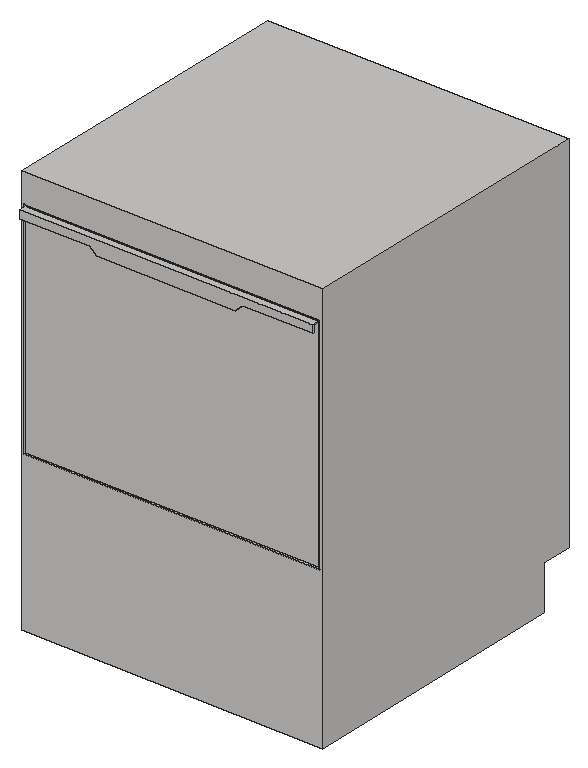
Revit family "QF_ELECTROLUXPROFESSIONAL_400210_ELA1WP", category Specialty Equipment, Revit 2018
Family settings
  Round Connector Dimension = Use Diameter
  Part Type = Normal
  Work Plane-Based = No
  Always vertical = Yes
  Cut with Voids When Loaded = No
  Shared = No
  Room Calculation Point = No
Parameters
  Weight = 54.00 kg
  Watts = 0 W
  Volts = 0 V
  URL Manufacturer = ""
  URL = "http://professional.electrolux.com/"
  Steam Supply Size = 0 mm
  Steam Supply Minimum Pressure = 0.0 Pa
  Steam Supply Maximum Pressure = 0.0 Pa
  Steam Pounds per Hour = 0
  Show Logo [instance] = yes
  Show Clearance [instance] = yes
  Refrigeration Suction Line Size = 0 mm
  Refrigeration Liquid Line Size = 0 mm
  Refrigerant Compressor Remote = yes
  Manufacturer = ""
  Phase = 0
  Model = ""
  Length Actual = 600 mm  # constant formula
  Item Number = ""
  Hot Water Size = 0 mm
  Height Actual = 820 mm  # constant formula
  HP = "4.9 HP"
  Gas Size = 0 mm
  Gas KW = 0
  Gas Input Pressure = 0 W
  Direct Waste Size = 20.5 mm
  Description = ""
  Depth Actual = 648 mm  # constant formula
  Cycle = 0 Hz
  Condensate Return Size = 0 mm
  Compressed Air Volume = 0.0 L/s
  Compressed Air Size = 0 mm
  Compressed Air Pressure = 0.0 Pa
  Cold Water Size = 0 mm
  Accessory = yes
Types (2, lengths in mm): name | Volts | URL Manufacturer | URL | Manufacturer | Phase | Model | Item Number | Hot Water Size | Description | Cycle
  (no name) | 0 V | "" | "http://professional.electrolux.com/" | "" | 0 | "" | "" | 0 | "" | 0 Hz
  Standard | 230 V | "http://professional.electrolux.com" | "http://professional.electrolux.com" | "Electrolux Professional" | 1 | "ELA1WP" | "400210" | 19.05 | "UNDERCOUNTER(L), WASH-SAFE, 1PH, WS, DP, 540D/H" | 50 Hz
Reference planes
  plane 1 "Center (Front/Back)": y = 0
  plane 2: z = 0
  plane 3 "Center (Left/Right)": x = 0
  plane 4 "LEFT": x = -300
  plane 5 "RIGHT": x = 300
  plane 6 "FRONT": y = -306
  plane 7 "BACK": y = 306
  plane 8: x = -202.5
  plane 9: x = 202.5
  plane 10: z = 830
  plane 11: z = 10
Forms (mm)
  Extrusion 1, solid, material "QF_Finishes_Stainless Steel"
    sketch origin (0, 0, 0) x (1, 0, 0) y (0, 1, 0)
      loop
        line (-300, -306) -> (300, -306) -> (300, 245) -> (-300, 245) -> (-300, -306)
    from 10 to 830
  Extrusion 2, solid, material "QF_Finishes_Stainless Steel"
    sketch origin (0, 0, 0) x (1, 0, 0) y (0, 1, 0)
      loop
        line (-300, 245) -> (300, 245) -> (300, 306) -> (-300, 306) -> (-300, 245)
    from 100 to 830
  Extrusion 3, solid, material "QF_Finishes_Stainless Steel"
    sketch origin (0, 17.5, 0) x (1, 0, 0) y (0, 1, 0)
      loop
        circle (-254, 167.5) r 12.5
      loop
        circle (254, 167.5) r 12.5
      loop
        circle (-254, -263.5) r 12.5
      loop
        circle (254, -263.5) r 12.5
    from 0 to 10
  Extrusion 4, void
    sketch origin (-300, -306, 0) x (-1, 0, 0) y (0, 0, 1)
      loop
        line (-5, 773.217) -> (-595, 773.217) -> (-595, 327.335) -> (-5, 327.335) -> (-5, 773.217)
    from 0 to 30
  Extrusion 5, solid, material "QF_Finishes_Stainless Steel"
    sketch origin (-259, -389, 768) x (0, 0, -1) y (1, 0, 0)
      loop
        circle (693, 143) r 10
    from -634 to -695
  Extrusion 6, solid, material "QF_Door-Drawer Clearances", visible <- "Show Clearance", detail levels coarse
    sketch origin (-230, -282.5, 0) x (0, 1, 0) y (0, 0, -1)
      loop
        line (-23.5, -330.419) -> (-391.5, -330.419)
        arc (-391.5, -330.419) -> (-290.693, -619.855) -> (-23.5, -770) r 432.894
        line (-23.5, -770) -> (-23.5, -330.419)
    from 61.197 to -521.306
  Extrusion 7, solid, material "QF_Finishes_Stainless Steel"
    sketch origin (-315.481, -389, 738) x (0, 0, -1) y (1, 0, 0)
      loop
        circle (663, 252.481) r 8
    from -634 to -695
  Extrusion 8, solid, material "QF_Finishes_Stainless Steel"
    sketch origin (-230, -282.5, 0) x (0, 1, 0) y (0, 0, -1)
      loop
        line (-23.5, -330.419) -> (-23.5, -770) -> (1.5, -770) -> (1.5, -330.419) -> (-23.5, -330.419)
    from 61.197 to -521.306
  Extrusion 9, solid, material "QF_Finishes_Stainless Steel"
    sketch origin (-230, -297.5, 0) x (0, 1, 0) y (0, 0, -1)
      loop
        line (-8.5, -770) -> (-8.5, -767.514) -> (-21, -767.514) -> (-21, -741.25) -> (-23.5, -741.25) -> (-23.5, -770) -> (-8.5, -770)
    from 61.197 to -521.306
  Extrusion 10, void
    sketch origin (-230, -321, 770) x (0, 0, 1) y (1, 0, 0)
      loop
        line (-15.552, -61.197) -> (-15.552, 77.909) -> (-28.75, 91.107) -> (-28.75, -61.197) -> (-15.552, -61.197)
      loop
        line (-15.552, 521.197) -> (-28.75, 521.197) -> (-28.75, 368.893) -> (-15.552, 382.091) -> (-15.552, 521.197)
    from 0 to 2.5
  Extrusion 11, solid, material "QF_Finishes_Stainless Steel"
    sketch origin (-295.988, 885.897, 763.79) x (0, -1, 0) y (1, 0, 0)
      loop
        circle (611.5, 158) r 8
    from -663.79 to -673.79
Cuts and joins
  Extrusion 4 cuts Extrusion 1
  joined: Extrusion 1, Extrusion 2
  Extrusion 10 cuts Extrusion 8
  Extrusion 10 cuts Extrusion 9
Lines and regions (mm)
  Split face 1
    outline origin (-300, -306, 830) x (0, 0, -1) y (1, 0, 0)
      loop
        line (21.579, 283.75) -> (39.683, 283.75) -> (39.683, 316.25) -> (21.579, 316.25) -> (21.579, 283.75)
  Split face 2
    outline origin (-300, -306, 830) x (0, 0, -1) y (1, 0, 0)
      loop
        line (56.783, 595) -> (56.783, 600)
      loop
        arc (56.783, 412.5) -> (28.391, 440.891) -> (0, 412.5) r 28.391
  symbolic lines
    curve 1: line (-300, 306, 0) -> (300, 306, 0)
    curve 2: line (-300, -306, 0) -> (-300, 306, 0)
    curve 3: line (300, -306, 0) -> (-300, -306, 0)
    curve 4: line (300, 306, 0) -> (300, -306, 0)
    curve 9: line (-291.197, -306, 0) -> (-291.197, -321, 0)
    curve 10: line (291.306, -321, 0) -> (291.306, -306, 0)
    curve 11: line (-291.197, -321, 0) -> (291.306, -321, 0)
  symbolic lines, style "QF_Door-Drawer Clearances"
    curve 5: line (-291.197, -674, 0) -> (291.306, -674, 0)
    curve 6: line (291.306, -674, 0) -> (291.306, -306, 0)
    curve 7: line (-291.197, -674, 0) -> (-291.197, -306, 0)
  symbolic lines, style "SpecialityEquipmentHiddenLines"
    curve 8: line (-300, 245, 0) -> (300, 245, 0)
Dimensions and locks
  equal spacing: plane 4 "LEFT", plane 3 "Center (Left/Right)", plane 5 "RIGHT"
  equal spacing: plane 7 "BACK", plane 1 "Center (Front/Back)", plane 6 "FRONT"
  plane 7 "BACK" to plane 6 "FRONT" = 612 mm
  plane 4 "LEFT" to plane 5 "RIGHT" = 600 mm
  plane 4 "LEFT" to plane 8 = 97.5 mm
  plane 9 to plane 5 "RIGHT" = 97.5 mm
  plane 11 to level = 10 mm
  plane 4 "LEFT" to plane 3 "Center (Left/Right)" = 300 mm
  plane 10 to level = 830 mm  (x2)
  plane 8 to plane 9 = 405 mm
  Extrusion 11 sketch curve to plane 4 "LEFT" = 162.012 mm
  level to Extrusion 5 sketch curve = 75 mm
  Extrusion 5 sketch curve to plane 4 "LEFT" = 184 mm
  Extrusion 7 sketch curve to plane 4 "LEFT" = 237 mm
  level to Extrusion 7 sketch curve = 75 mm
  Extrusion 3 to cut or joined group of Extrusion 1, Extrusion 2, Extrusion 4 = 121 mm
  Extrusion 3 to Extrusion 3 = 431 mm
  plane 6 "FRONT" to Extrusion 3 = 60 mm
  plane 9 to plane 8 = 405 mm
  plane 7 "BACK" to curve 5 = 980 mm
  cut or joined group of Extrusion 1, Extrusion 2, Extrusion 4 to level = 327.335 mm
  aligned and locked: level to plane 2
  aligned and locked: Extrusion 1 sketch curve to plane 6 "FRONT"
  aligned and locked: Extrusion 1 sketch curve to plane 4 "LEFT"
  aligned and locked: plane 5 "RIGHT" to Extrusion 1 sketch curve
  aligned and locked: Extrusion 1 to plane 11
  aligned and locked: Extrusion 2 sketch curve to Extrusion 1
  aligned and locked: plane 5 "RIGHT" to Extrusion 2 sketch curve
  aligned and locked: plane 11 to Extrusion 3
  aligned and locked: cut or joined group of Extrusion 9, Extrusion 10 to Extrusion 10
Automatic sketch dimensions
  Extrusion 1 sketch curve to plane 7 "BACK" = 61 mm
  Extrusion 3 sketch curve to plane 8 = 51.5 mm  (x2)
  plane 9 to Extrusion 3 sketch curve = 51.5 mm  (x2)
  plane 6 "FRONT" to Extrusion 3 sketch curve = 60 mm  (x2)
  Extrusion 3 sketch curve to plane 7 "BACK" = 121 mm  (x2)
  Extrusion 4 sketch curve to Extrusion 1 = 5 mm  (x2)
  Extrusion 4 sketch curve to Extrusion 1 = 317.335 mm
  Extrusion 4 sketch curve to Extrusion 1 = 56.783 mm
  plane 6 "FRONT" to Extrusion 8 sketch curve = 0 mm
  Extrusion 8 sketch curve to Extrusion 8 sketch curve = 25 mm
  Extrusion 9 sketch curve to plane 6 "FRONT" = 15 mm
  Extrusion 9 sketch curve to Extrusion 9 sketch curve = 2.5 mm
  Extrusion 9 sketch curve to Extrusion 9 sketch curve = 12.5 mm
  Extrusion 9 sketch curve to plane 10 = 60 mm
  Extrusion 9 sketch curve to Extrusion 9 sketch curve = 2.486 mm
  Extrusion 9 sketch curve to Extrusion 9 sketch curve = 26.264 mm
  Extrusion 2 sketch curve to Extrusion 2 sketch curve = 61 mm
  Split face 1 sketch curve to cut or joined group of Extrusion 1, Extrusion 2, Extrusion 4 = 21.579 mm
  Split face 1 sketch curve to Split face 1 sketch curve = 18.104 mm
  Split face 1 sketch curve to cut or joined group of Extrusion 1, Extrusion 2, Extrusion 4 = 278.75 mm
  Split face 1 sketch curve to Split face 1 sketch curve = 32.5 mm
  plane 11 to Extrusion 8 sketch curve = 320.419 mm
  Extrusion 8 sketch curve to plane 10 = 60 mm
  Extrusion 10 sketch curve to Extrusion 9 = 0 mm  (x2)
  Extrusion 9 to Extrusion 10 sketch curve = 0 mm
  Extrusion 10 sketch curve to Extrusion 9 = 13.198 mm  (x2)
  Extrusion 10 sketch curve to Extrusion 9 = 139.107 mm
  Extrusion 10 sketch curve to Extrusion 10 sketch curve = 13.198 mm  (x2)
  Extrusion 10 sketch curve to Extrusion 9 = 152.413 mm
  Extrusion 10 sketch curve to Extrusion 9 = 0.109 mm
  curve 3 to plane 4 "LEFT" = 0 mm
  curve 7 to plane 6 "FRONT" = 0 mm
  curve 4 to plane 5 "RIGHT" = 0 mm
  curve 2 to plane 7 "BACK" = 0 mm
  plane 4 "LEFT" to curve 5 = 8.803 mm
  curve 5 to plane 5 "RIGHT" = 8.694 mm
  plane 4 "LEFT" to curve 11 = 8.803 mm
  curve 10 to plane 5 "RIGHT" = 8.694 mm
  curve 11 to plane 6 "FRONT" = 15 mm
  curve 8 to plane 7 "BACK" = 61 mm
  Extrusion 2 sketch curve to plane 7 "BACK" = 0 mm
  Split face 2 sketch curve to cut or joined group of Extrusion 1, Extrusion 2, Extrusion 4 = 0 mm  (x5)
  Split face 2 sketch curve to cut or joined group of Extrusion 1, Extrusion 2, Extrusion 4 = 182.5 mm
  Extrusion 11 sketch curve to plane 7 "BACK" = 31.603 mm
  Extrusion 6 sketch curve to plane 6 "FRONT" = 0 mm
  plane 6 "FRONT" to Extrusion 6 sketch curve = 64.74 mm
  plane 11 to Extrusion 6 sketch curve = 331.974 mm
  Extrusion 6 sketch curve to Extrusion 6 sketch curve = 11.555 mm
  Extrusion 6 sketch curve to plane 6 "FRONT" = 368 mm
  radius of Extrusion 5 sketch curve = 10 mm
  radius of Extrusion 7 sketch curve = 8 mm
  radius of Extrusion 3 sketch curve = 12.5 mm  (x4)
  radius of Extrusion 11 sketch curve = 8 mm
Connectors
  piping at (-116, 306, 75), diameter 20
    settings: on Extrusion 5, index 1, connector inside diameter 609.6 mm, connector length 0 mm, flow factor 0, pipe flow 0.0 L/s, pressure drop 0.0 Pa, fitting loss kfactor 0, connector angle 0.00°, fixture units 0, engagement length 0 mm, angle of deflection 0.00°, flow configuration 1, flow direction 1, fitting loss method 0, system type 16, joint type 0, gender type 0, connector reference index -1, connector utility 0, adjustable connector no, is connector primary yes, connector description "Drain"
  piping at (-63, 306, 75), diameter 16
    settings: on Extrusion 7, index 3, connector inside diameter 609.6 mm, connector length 0 mm, flow factor 0, pipe flow 0.0 L/s, pressure drop 0.0 Pa, fitting loss kfactor 0, connector angle 0.00°, fixture units 0, engagement length 0 mm, angle of deflection 0.00°, flow configuration 1, flow direction 1, fitting loss method 0, system type 20, joint type 0, gender type 0, connector reference index -1, connector utility 0, adjustable connector no, is connector primary no, connector description "Cold Water Inlet"
  electrical at (-137.988, 274.397, 90), driven by "Volts"
    settings: on Extrusion 11, index 4, voltage 0 V, apparent load 0 VA, apparent load phase1 0 VA, apparent load phase2 0 VA, apparent load phase3 0 VA, power factor 1, load classification "Altro", number of poles 1, system type 31, power factor state 1, is connector primary yes, connector utility no, sub classification motor no, connector description "Electrical Connection"
